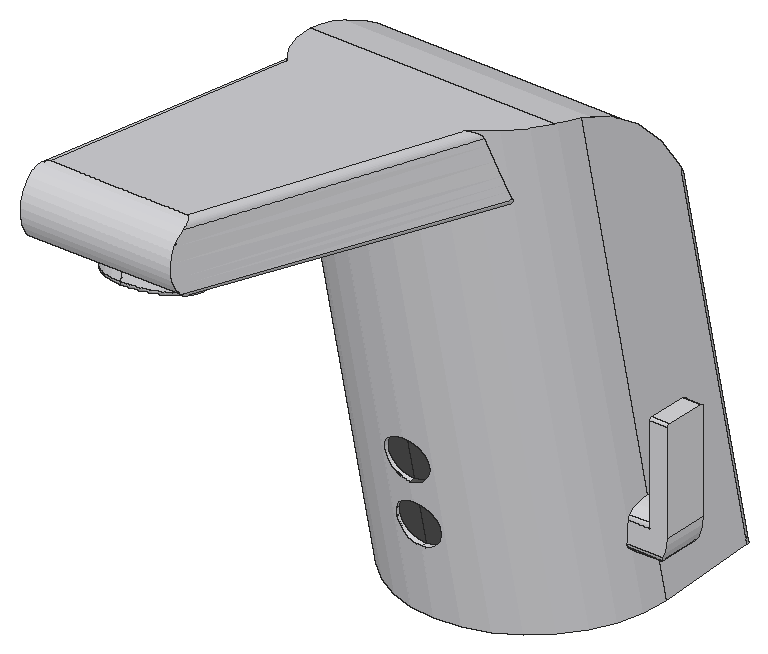
Revit family "Faucet-Lavatory-KOHLER-Contemporary-K-13462T", category Plumbing Fixtures, host Face, Revit 2017
Family settings
  Host = Face
  Round Connector Dimension = Use Diameter
  Part Type = Normal
  OmniClass Number = 23.31.11.00
  OmniClass Title = Faucets
  Cut with Voids When Loaded = No
  Shared = No
  Room Calculation Point = No
Parameters (values of type "CP-Polished Chrome")
  Width = 3 1/128"  # constant formula
  WaterSense Certified = 1 = 0  # no
  Waste Water Outlet = "Waste Water Outlet"  # constant formula
  Waste Connection = 1 = 1  # yes
  Voltage = 220 V  # constant formula
  Vent Connection = 1 = 1  # yes
  URL = "http://www.kohler.com.cn/"
  Type = 1
  Spout Reach = 4 127/128"  # constant formula
  Product Page URL = "https://www.kohler.com.cn/product/K-13462T-CP/K-13462T-CP/"
  Product Name = "Contemporary"  # constant formula
  Product Documentation Link = "https://files.kohler.com.cn/pdfs/k_13460_65t.pdf"
  Pressure = 0.00 psi
  Model = "K-13462T-CP"  # constant formula
  Material = "Brass Costuction"  # constant formula
  Master Format 2014 Name = "Residential Faucets, Supplies, and Trim"  # constant formula
  Master Format 2014 = "22 41 39"  # constant formula
  Manufacturer Address = "Kohler Beijing Office (100016) 36-2-03-B, No. 88, Liuxiang Road, Beijing"  # constant formula
  Manufacturer = "KOHLER Co."  # constant formula
  Length = 7 11/256"  # constant formula
  Hot Water Inlet = "Hot Water Inlet"  # constant formula
  Height = 5 215/256"  # constant formula
  Handle Clearance = 1 39/256"  # constant formula
  HW Connection = 1 = 0  # no
  Flow Rate = 0 GPM
  Finish = Kohler-Plastic-CP-Polished_Chrome
  Environmental Product Declaration = ""
  Electrical Note = "One Dedicated Circuite Requiered"  # constant formula
  Electrical Connector = 1 = 1  # yes
  Drain Included = 1 = 1  # yes
  Description = "Elegant type induction faucet AC (hot and cold mixed type)"  # constant formula
  Default Elevation = 36"
  Declare Label = ""
  Date Modified = "02/26/2120"  # constant formula
  Date Created = "02/26/2120"  # constant formula
  Copyright = "Copyright KOHLER Co."  # constant formula
  Contact Us = "http://www.kohler.com.cn/contact/contact-us/"
  Cold Water Inlet = "Cold Water Inlet"  # constant formula
  CW Connection = 1 = 0  # no
  Assembly Code = "D2010"
  Apparent Load = 0 VA
  ADA Compliant = 1 = 0  # no
Reference planes (in)
  plane 1 "Center (Front/Back)": y = 0
  plane 2: z = 0
  plane 3 "Center (Left/Right)": x = 0
  plane 4: y = 1.28043
  plane 5: x = -1.30095
  plane 6: y = -5.76253
  plane 7: x = 1.70687
  plane 8: x = 1.30095
  plane 9: y = -4.99219
  plane 10: z = 5.83984
  plane 11: z = 4.8124
  plane 12: y = -1.28043
  plane 13: x = -0.49077
  plane 14: x = 0.49077
  plane 15: z = 2.01006
  plane 16: z = 0.85771
Dimensions and locks (in)
  "Width": plane 5 to plane 7
  plane 6 to plane 4 = 7 11/256"
  plane 4 to plane 12 = 2.56087"
  "Height": plane 10 to level
  "Handle Clearance": plane 15 to plane 16
  plane 11 to level = 4.8124"
  plane 16 to level = 0.85771"
  "Length": plane 4 to plane 6
  "Spout Reach": plane 1 "Center (Front/Back)" to plane 9
  aligned and locked: plane 2 to host face
  aligned and locked: level to host face
Automatic sketch dimensions
  host sketch curve to host sketch curve = 96"  (x2)
Nested families (in)
  nested 1: "K-13462T" at (0, 0, 0), type "K-13462T"
Connectors (in)
  piping at (-0.49077, 0, 0), diameter 0.5, driven by "HW Connection", driven by "Hot Water Inlet"
    settings: on nested 1, index 1, connector inside diameter 24", connector length 0", flow factor 0, pipe flow 0 GPM, pressure drop 0.00 psi, fitting loss kfactor 0, connector angle 0.00°, fixture units 0, engagement length 0", angle of deflection 0.00°, flow configuration 0, flow direction 1, fitting loss method 0, system type 19, joint type 0, gender type 0, connector reference index -1, connector utility 0, adjustable connector no, is connector primary yes, connector description "Hot Water Inlet"
  piping at (0.49077, 0, 0), diameter 0.5, driven by "CW Connection", driven by "Cold Water Inlet"
    settings: on nested 1, index 2, connector inside diameter 24", connector length 0", flow factor 0, pipe flow 0 GPM, pressure drop 0.00 psi, fitting loss kfactor 0, connector angle 0.00°, fixture units 0, engagement length 0", angle of deflection 0.00°, flow configuration 0, flow direction 1, fitting loss method 0, system type 20, joint type 0, gender type 0, connector reference index -1, connector utility 0, adjustable connector no, is connector primary no, connector description "Cold Water Inlet"
  electrical at (0.74958, 1.0474, 1.0482), driven by "Voltage", driven by "Electrical Connector", driven by "Electrical Note"
    settings: on nested 1, index 3, voltage 220 V, apparent load 0 VA, apparent load phase1 0 VA, apparent load phase2 0 VA, apparent load phase3 0 VA, power factor 1, load classification "Power", number of poles 1, system type 30, power factor state 1, is connector primary yes, connector utility yes, sub classification motor no, connector description "One Dedicated Circuite Requiered"
Definition of nested family "K-13462T"
  Parameters (values of type "K-13462T")
    Material = none
  Reference planes (in)
    plane 1 "Center (Front/Back)": y = 0
    plane 2: z = 0
    plane 3 "Center (Left/Right)": x = 0
    plane 4: x = 1.70666
    plane 5: z = 5.84174
    plane 6: x = -1.30095
    plane 7: x = 1.30095
    plane 8: y = 1.28043
    plane 9: y = -1.28043
    plane 10: y = -4.99377
    plane 11: z = 4.8124
    plane 12: y = -5.76293
    plane 13: x = -0.49077
    plane 14: x = 0.49077
    plane 15: z = 2.0082
    plane 16: z = 0.85771
  Forms (in)
    Sweep 1, solid, material <- "Material", detail levels medium+fine
      path origin (0, 0, 0) x (0, 1, 0) y (0, 0, 1)
        loop
          line (-0.08661, 6.14909) -> (1.26141, 0.08556) -> (1.28043, 0)
      profile origin (0, 1.27092, 0.04278) x (0, 0.976168, 0.217018) y (1, 0, 0)
        loop
          line (-1.16722, -1.2963) -> (-0.0419, -1.22721)
          arc (-0.0419, -1.22721) -> (-0.01212, -1.21324) -> (0, -1.18266) r 0.04463
          line (0, -1.18266) -> (0, 0) -> (0, 1.18266)
          arc (0, 1.18266) -> (-0.01212, 1.21324) -> (-0.0419, 1.22721) r 0.04463
          line (-0.0419, 1.22721) -> (-1.16722, 1.2963)
          arc (-1.16722, 1.2963) -> (-2.54554, 0) -> (-1.16722, -1.2963) r 1.29874
    SweptBlend 2, solid, material <- "Material", detail levels medium+fine
      path origin (0, 0, 0) x (0, 1, 0) y (0, 0, 1)
        loop
          line (-1.33881, 5.09771) -> (-5.99086, 5.95326)
      profile origin (0, -1.33881, 5.09771) x (0, -0.180876, -0.983506) y (1, 0, 0)
        loop
          line (0, 0.98456) -> (0, -0.98456)
          arc (0, -0.98456) -> (0.02022, -1.03724) -> (0.07051, -1.06286) r 0.07874
          line (0.07051, -1.06286) -> (0.67868, -1.12679)
          arc (0.67868, -1.12679) -> (0.70914, -1.11689) -> (0.72217, -1.08763) r 0.03937
          line (0.72217, -1.08763) -> (0.72217, 0) -> (0.72217, 1.08763)
          arc (0.72217, 1.08763) -> (0.70914, 1.11689) -> (0.67868, 1.12679) r 0.03937
          line (0.67868, 1.12679) -> (0.07051, 1.06286)
          arc (0.07051, 1.06286) -> (0.02022, 1.03724) -> (0, 0.98456) r 0.07874
      end profile origin (0, -5.99086, 5.95326) x (0, -0.180876, -0.983506) y (1, 0, 0)
        loop
          line (0, 0.6858) -> (0, -0.6858)
          arc (0, -0.6858) -> (0.02306, -0.74147) -> (0.07874, -0.76454) r 0.07874
          line (0.07874, -0.76454) -> (0.66062, -0.76454)
          arc (0.66062, -0.76454) -> (0.68846, -0.753) -> (0.69999, -0.72517) r 0.03937
          line (0.69999, -0.72517) -> (0.69999, 0) -> (0.69999, 0.72517)
          arc (0.69999, 0.72517) -> (0.68846, 0.753) -> (0.66062, 0.76454) r 0.03937
          line (0.66062, 0.76454) -> (0.07874, 0.76454)
          arc (0.07874, 0.76454) -> (0.02306, 0.74147) -> (0, 0.6858) r 0.07874
    Extrusion 3, void
      sketch origin (0, 0, 0) x (0, 1, 0) y (0, 0, 1)
        loop
          arc (-1.33881, 5.09771) -> (-0.10545, 4.49064) -> (0.62753, 3.32769) r 2.5266
          line (0.62753, 3.32769) -> (0.89142, 3.32769) -> (0.266, 6.14088) -> (-2.64388, 6.75939) -> (-2.64388, 5.33772) -> (-1.33881, 5.09771)
        loop
          line (1.76251, -0.59055) -> (1.63122, 0) -> (-1.70698, 0) -> (-1.70698, -0.59055) -> (1.76251, -0.59055)
      from -2.34076 to 2.69899
    Extrusion 4, void
      sketch origin (0, 0, 0) x (0, 1, 0) y (0, 0, 1)
        loop
          line (-6.02339, 6.04397) -> (-6.17662, 5.21081) -> (-5.49281, 5.08506) -> (-5.48215, 5.1309)
          arc (-5.48215, 5.1309) -> (-5.76149, 5.55709) -> (-5.3488, 5.85601) r 0.36903
          line (-5.3488, 5.85601) -> (-5.33572, 5.9175) -> (-6.02339, 6.04397)
      from -1.22721 to 1.47761
    Revolve 5, solid, material <- "Material", detail levels medium+fine
      sketch origin (0, 0, 0) x (0, 1, 0) y (0, 0, 1)
        loop
          line (-4.99377, 4.8124) -> (-4.92016, 5.0871) -> (-5.37231, 5.20825) -> (-5.43805, 4.96288)
          arc (-5.43805, 4.96288) -> (-5.43502, 4.93984) -> (-5.41659, 4.92569) r 0.03036
          line (-5.41659, 4.92569) -> (-4.99377, 4.8124)
        axis (-4.92016, 5.0871) -> (-4.99377, 4.8124)
      angle from 0 to 360
    Extrusion 6, solid, material <- "Material", detail levels medium+fine
      sketch origin (0, 0, 0) x (0, 1, 0) y (0, 0, 1)
        loop
          arc (-0.40551, 0.74441) -> (-0.40116, 0.72216) -> (-0.38875, 0.70319) r 0.05906
          arc (-0.38875, 0.70319) -> (-0.17547, 0.61323) -> (0.03781, 0.70319) r 0.29779
          arc (0.03781, 0.70319) -> (0.05022, 0.72216) -> (0.05457, 0.74441) r 0.05906
          line (0.05457, 0.74441) -> (0.05457, 0.97152)
          arc (0.05457, 0.97152) -> (0.05005, 0.99416) -> (0.0372, 1.01335) r 0.05906
          arc (0.0372, 1.01335) -> (-0.17547, 1.10122) -> (-0.38814, 1.01335) r 0.30128
          arc (-0.38814, 1.01335) -> (-0.401, 0.99416) -> (-0.40551, 0.97152) r 0.05906
          line (-0.40551, 0.97152) -> (-0.40551, 0.74441)
      from 0.82678 to 1.70666
    Extrusion 7, solid, material <- "Material", detail levels medium+fine
      sketch origin (0, 0, 0) x (0, 1, 0) y (0, 0, 1)
        loop
          line (0.02706, 2.0082) -> (-0.37865, 2.0082)
          arc (-0.37865, 2.0082) -> (-0.39765, 2.00033) -> (-0.40551, 1.98134) r 0.02686
          line (-0.40551, 1.98134) -> (-0.40551, 0.81248) -> (0.05457, 0.81248) -> (0.05457, 1.98069)
          arc (0.05457, 1.98069) -> (0.04651, 2.00014) -> (0.02706, 2.0082) r 0.02751
      from 1.52256 to 1.70666
    Extrusion 8, void
      sketch origin (0, 0, 0) x (1, 0, 0) y (0, 0, 1)
        loop
          line (1.43514, 0.61323) -> (1.43514, 0.54783) -> (1.77002, 0.54783) -> (1.77002, 0.94153) -> (1.70666, 0.94153)
          arc (1.70666, 0.94153) -> (1.69029, 0.82106) -> (1.64238, 0.70932) r 0.45158
          arc (1.64238, 0.70932) -> (1.54935, 0.63842) -> (1.43514, 0.61323) r 0.27152
      from -0.12493 to 0.55681
    Revolve 9, void
      sketch origin (0, 0, 0) x (0, 1, 0) y (0, 0, 1)
        loop
          line (-1.69821, 1.88824) -> (-1.75117, 1.87601) -> (-1.69863, 1.64842) -> (-1.64567, 1.66064) -> (-1.69821, 1.88824)
        axis (-1.64567, 1.66064) -> (-1.69863, 1.64842)
      angle from 0 to 360
    Revolve 10, void
      sketch origin (0, 0, 0) x (0, 1, 0) y (0, 0, 1)
        loop
          line (-1.49412, 0.98961) -> (-1.72247, 0.93689) -> (-1.66947, 0.70728) -> (-1.44111, 0.76001) -> (-1.49412, 0.98961)
        axis (-1.49412, 0.98961) -> (-1.72247, 0.93689)
      angle from 0 to 360
    Revolve 11, void
      sketch origin (0, 0, 1.0482) x (1, 0, 0) y (0, 1, 0)
        loop
          line (0.54177, 0.70156) -> (0.99613, 1.45774) -> (0.83487, 1.55464) -> (0.38051, 0.79846) -> (0.54177, 0.70156)
        axis (0.99613, 1.45774) -> (0.54177, 0.70156)
      angle from 0 to 360
    Extrusion 12, solid, material <- "Material", detail levels medium+fine
      sketch origin (0, 0, 0) x (1, 0, 0) y (0, 1, 0)
        loop
          circle (-0.49077, 0) r 0.25
        loop
          circle (0.49077, 0) r 0.25
      from 0 to 0.27615
    Extrusion 13, solid, material <- "Material", detail levels coarse
      sketch origin (0, 0, 0) x (0, 1, 0) y (0, 0, 1)
        loop
          line (1.28043, 0) -> (0.43646, 3.79627)
          arc (0.43646, 3.79627) -> (-0.302, 4.65048) -> (-1.33881, 5.09771) r 2.5266
          line (-1.33881, 5.09771) -> (-5.76625, 5.91195) -> (-5.89628, 5.22306) -> (-2.33995, 4.55177) -> (-1.32311, 0) -> (1.28043, 0)
      from -1.33445 to 1.273
    Extrusion 14, solid, material <- "Material", detail levels coarse
      sketch origin (0, 0, 0) x (1, 0, 0) y (0, 0, 1)
        loop
          line (1.70666, 0.94153) -> (1.70666, 2.0082) -> (1.52256, 2.0082) -> (1.52256, 1.10267) -> (1.18633, 1.10267) -> (1.18633, 0.61323) -> (1.43514, 0.61323)
          arc (1.43514, 0.61323) -> (1.54935, 0.63842) -> (1.64238, 0.70932) r 0.27152
          arc (1.64238, 0.70932) -> (1.69029, 0.82106) -> (1.70666, 0.94153) r 0.45158
      from -0.05457 to 0.40551
  Cuts and joins
    Extrusion 3, Revolve 9, Revolve 10, Revolve 11 cuts Sweep 1
    Extrusion 4 cuts SweptBlend 2
    Extrusion 8 cuts Extrusion 6
    Extrusion 8 cuts Extrusion 7
    joined: Sweep 1, SweptBlend 2, Revolve 5, Extrusion 6, Extrusion 7
    joined: Extrusion 13, Extrusion 14
  Lines and regions (in)
    Masking region 1
      outline origin (0, 0, 0) x (0, 1, 0) y (0, 0, 1)
        loop
          line (1.28048, 0) -> (0.51156, 3.4587)
          arc (0.51156, 3.4587) -> (-0.07939, 4.51196) -> (-1.15372, 5.06366) r 2.09391
          line (-1.15372, 5.06366) -> (-5.34913, 5.83524)
          arc (-5.34913, 5.83524) -> (-5.7582, 5.55326) -> (-5.47622, 5.14419) r 0.35132
          line (-5.47622, 5.14419) -> (-5.39354, 5.12899) -> (-5.43805, 4.96288)
          arc (-5.43805, 4.96288) -> (-5.43502, 4.93984) -> (-5.41659, 4.92569) r 0.03036
          line (-5.41659, 4.92569) -> (-4.99377, 4.8124) -> (-4.57095, 4.6991)
          arc (-4.57095, 4.6991) -> (-4.54791, 4.70214) -> (-4.53377, 4.72057) r 0.03036
          line (-4.53377, 4.72057) -> (-4.46985, 4.95911) -> (-2.90633, 4.67157)
          arc (-2.90633, 4.67157) -> (-2.46237, 4.4437) -> (-2.21791, 4.00864) r 0.86583
          line (-2.21791, 4.00864) -> (-1.32311, 0) -> (1.28048, 0)
    Masking region 2
      outline origin (0, 0, 0) x (1, 0, 0) y (0, 0, 1)
        loop
          line (-1.30095, 0) -> (1.30095, 0) -> (1.28659, 0.68125) -> (1.33859, 0.68125) -> (1.33859, 0.65036)
          arc (1.33859, 0.65036) -> (1.34539, 0.63394) -> (1.36181, 0.62714) r 0.02323
          line (1.36181, 0.62714) -> (1.46403, 0.62714)
          arc (1.46403, 0.62714) -> (1.6356, 0.6982) -> (1.70666, 0.86977) r 0.24263
          line (1.70666, 0.86977) -> (1.70666, 1.98329)
          arc (1.70666, 1.98329) -> (1.69937, 2.0009) -> (1.68176, 2.0082) r 0.0249
          line (1.68176, 2.0082) -> (1.54584, 2.0082)
          arc (1.54584, 2.0082) -> (1.52938, 2.00138) -> (1.52256, 1.98492) r 0.02328
          line (1.52256, 1.98492) -> (1.52256, 1.14268)
          arc (1.52256, 1.14268) -> (1.50701, 1.10513) -> (1.46945, 1.08957) r 0.05311
          line (1.46945, 1.08957) -> (1.35953, 1.08957)
          arc (1.35953, 1.08957) -> (1.34472, 1.08344) -> (1.33859, 1.06863) r 0.02094
          line (1.33859, 1.06863) -> (1.33859, 1.03418) -> (1.27915, 1.03418) -> (1.22832, 3.4466)
          arc (1.22832, 3.4466) -> (1.19704, 4.15259) -> (1.13301, 4.85638) r 15.22106
          arc (1.13301, 4.85638) -> (1.10392, 5.00444) -> (1.05157, 5.14596) r 0.94271
          line (1.05157, 5.14596) -> (0.74078, 5.81581)
          arc (0.74078, 5.81581) -> (0.72426, 5.8347) -> (0.70017, 5.84174) r 0.04477
          line (0.70017, 5.84174) -> (0, 5.84174) -> (-0.70017, 5.84174)
          arc (-0.70017, 5.84174) -> (-0.72426, 5.8347) -> (-0.74078, 5.81581) r 0.04477
          line (-0.74078, 5.81581) -> (-1.05157, 5.14596)
          arc (-1.05157, 5.14596) -> (-1.10392, 5.00444) -> (-1.13301, 4.85638) r 0.94271
          arc (-1.13301, 4.85638) -> (-1.19704, 4.15259) -> (-1.22832, 3.4466) r 15.22106
          line (-1.22832, 3.4466) -> (-1.30095, 0)
    Masking region 3
      outline origin (0, 0, 0) x (1, 0, 0) y (0, 1, 0)
        loop
          line (-1.21702, 1.28043) -> (-1.30177, 0.06853) -> (-0.7287, -5.71842)
          arc (-0.7287, -5.71842) -> (-0.71272, -5.75015) -> (-0.67957, -5.76293) r 0.04938
          line (-0.67957, -5.76293) -> (0, -5.76293) -> (0.67957, -5.76293)
          arc (0.67957, -5.76293) -> (0.71272, -5.75015) -> (0.7287, -5.71842) r 0.04938
          line (0.7287, -5.71842) -> (1.26008, -0.35245) -> (1.33859, -0.35245) -> (1.33859, -0.38564)
          arc (1.33859, -0.38564) -> (1.34441, -0.39969) -> (1.35846, -0.40551) r 0.01987
          line (1.35846, -0.40551) -> (1.68298, -0.40551)
          arc (1.68298, -0.40551) -> (1.69972, -0.39858) -> (1.70666, -0.38183) r 0.02368
          line (1.70666, -0.38183) -> (1.70666, 0.03058)
          arc (1.70666, 0.03058) -> (1.69963, 0.04754) -> (1.68267, 0.05457) r 0.02399
          line (1.68267, 0.05457) -> (1.35978, 0.05457)
          arc (1.35978, 0.05457) -> (1.3448, 0.04836) -> (1.33859, 0.03338) r 0.02119
          line (1.33859, 0.03338) -> (1.33859, 0.0023) -> (1.29521, 0.0023) -> (1.30177, 0.06853) -> (1.21702, 1.28043) -> (0, 1.28043) -> (-1.21702, 1.28043)
    symbolic lines, detail levels medium+fine
      curve 1: line (0, -0.02131, 0) -> (0, -0.81619, 3.443)
      curve 2: line (0, -2.90633, 4.67157) -> (0, -1.90959, 4.48826)
      curve 3: arc (0, -1.90959, 4.48826) -> (0, -1.20664, 4.12907) -> (0, -0.81619, 3.443) r 1.37795
      curve 4: line (0, -4.46985, 4.95911) -> (0, -5.39354, 5.12899)
      curve 5: line (1.33859, 0, 1.03418) -> (1.33859, 0, 0.68125)
      curve 6: line (1.33859, 0, 0.70589) -> (1.44158, 0, 0.70589)
      curve 7: line (1.33859, 0, 1.00057) -> (1.44861, 0, 1.00057)
      curve 8: line (1.52256, 0, 1.14268) -> (1.52256, 0, 1.07452)
      curve 9: arc (1.52256, 0, 1.07452) -> (1.5009, 0, 1.02223) -> (1.44861, 0, 1.00057) r 0.07395
      curve 10: arc (1.44158, 0, 0.70589) -> (1.62452, 0, 0.77901) -> (1.70666, 0, 0.95808) r 0.26541
      curve 11: line (1.27915, 0, 1.03418) -> (1.28659, 0, 0.68125)
      curve 12: line (0, 0, 1.87751) -> (0, 0, 1.42145)
      curve 13: line (0, 0, 1.42145) -> (0, 0, 1.87751)
      curve 14: line (0, 0, 1.20798) -> (0, 0, 0.7479)
      curve 15: line (0, 0, 0.7479) -> (0, 0, 1.20798)
      curve 16: line (-0.00021, 0, 1.85783) -> (-0.00021, 0, 1.44113)
      curve 17: line (0, 0, 1.44114) -> (0, 0, 1.85783)
      curve 18: line (0.00021, 0, 0.76759) -> (0.0002, 0, 1.1883)
      curve 19: line (0, 0, 1.18829) -> (0, 0, 0.76759)
      curve 20: line (0.75612, 0, 5.16025) -> (0, 0, 5.16025)
      curve 21: line (0, 0, 5.16025) -> (-0.75612, 0, 5.16025)
      curve 22: line (-0.72426, 0, 5.8347) -> (-0.79611, 0, 5.2538)
      curve 23: line (-0.86393, 0, 5.01768) -> (-1.11966, 0, 4.46926)
      curve 24: arc (-1.11966, 0, 4.46926) -> (-1.16639, 0, 4.34406) -> (-1.19283, 0, 4.21306) r 0.84592
      curve 25: arc (-0.86393, 0, 5.01768) -> (-0.82075, 0, 5.13308) -> (-0.79611, 0, 5.2538) r 0.7874
      curve 26: line (0.72426, 0, 5.8347) -> (0.79611, 0, 5.2538)
      curve 27: line (0.86393, 0, 5.01768) -> (1.11966, 0, 4.46926)
      curve 28: arc (1.11966, 0, 4.46926) -> (1.16639, 0, 4.34406) -> (1.19283, 0, 4.21306) r 0.84592
      curve 29: arc (0.86393, 0, 5.01768) -> (0.82075, 0, 5.13308) -> (0.79611, 0, 5.2538) r 0.7874
      curve 30: arc (-0.75612, 0, 5.16025) -> (-0.78685, 0, 5.17053) -> (-0.80521, 0, 5.19722) r 0.05107
      curve 31: line (0, 0, 5.16025) -> (0.75612, 0, 5.16025)
      curve 32: arc (0.75612, 0, 5.16025) -> (0.78685, 0, 5.17053) -> (0.80521, 0, 5.19722) r 0.05107
      curve 33: line (-0.47537, 0, 4.77974) -> (-0.47537, 0, 5.02577)
      curve 34: line (0.47537, 0, 4.77974) -> (0.47537, 0, 5.02577)
      curve 35: spline (-0.47537, 0, 5.02577) -> (-0.45918, 0, 5.05099) -> (-0.41169, 0, 5.07449) -> (-0.33614, 0, 5.09466) -> (-0.23769, 0, 5.11015) -> (-0.12304, 0, 5.11988) -> (0, 0, 5.1232) -> (0.12304, 0, 5.11988) -> (0.23769, 0, 5.11015) -> (0.33614, 0, 5.09466) -> (0.41169, 0, 5.07449) -> (0.45918, 0, 5.05099) -> (0.47537, 0, 5.02577)
      curve 36: spline (0.47537, 0, 4.77974) -> (0.45918, 0, 4.80232) -> (0.41169, 0, 4.82337) -> (0.33614, 0, 4.84144) -> (0.23769, 0, 4.8553) -> (0.12304, 0, 4.86402) -> (0, 0, 4.86699) -> (-0.12304, 0, 4.86402) -> (-0.23769, 0, 4.8553) -> (-0.33614, 0, 4.84144) -> (-0.41169, 0, 4.82337) -> (-0.45918, 0, 4.80232) -> (-0.47537, 0, 4.77974) -> (-0.45918, 0, 4.75715) -> (-0.41169, 0, 4.73611) -> (-0.33614, 0, 4.71804) -> (-0.23769, 0, 4.70417) -> (-0.12304, 0, 4.69546) -> (0, 0, 4.69248) -> (0.12304, 0, 4.69546) -> (0.23769, 0, 4.70417) -> (0.33614, 0, 4.71804) -> (0.41169, 0, 4.73611) -> (0.45918, 0, 4.75715) -> (0.47537, 0, 4.77974)
      curve 37: spline (0.42538, 0, 4.77974) -> (0.41089, 0, 4.797) -> (0.36839, 0, 4.81309) -> (0.30079, 0, 4.82691) -> (0.21269, 0, 4.83751) -> (0.1101, 0, 4.84417) -> (0, 0, 4.84645) -> (-0.1101, 0, 4.84417) -> (-0.21269, 0, 4.83751) -> (-0.30079, 0, 4.82691) -> (-0.36839, 0, 4.81309) -> (-0.41089, 0, 4.797) -> (-0.42538, 0, 4.77974) -> (-0.41089, 0, 4.76247) -> (-0.36839, 0, 4.74638) -> (-0.30079, 0, 4.73257) -> (-0.21269, 0, 4.72197) -> (-0.1101, 0, 4.7153) -> (0, 0, 4.71303) -> (0.1101, 0, 4.7153) -> (0.21269, 0, 4.72197) -> (0.30079, 0, 4.73257) -> (0.36839, 0, 4.74638) -> (0.41089, 0, 4.76247) -> (0.42538, 0, 4.77974)
      curve 38: line (0, -5.35094, 0) -> (-0.76509, -5.35094, 0)
      curve 39: line (-1.17716, 1.28043, 0) -> (-1.15073, 0.52354, 0)
      curve 40: line (-1.15073, 0.52354, 0) -> (-0.6699, -5.76293, 0)
      curve 41: line (-1.15073, 0.52354, 0) -> (0, 0.52354, 0)
      curve 42: line (-1.07524, -0.46345, 0) -> (0, -0.46345, 0)
      curve 43: spline (0.5227, 1.04405, 0) -> (0.53009, 1.03431, 0) -> (0.55178, 1.02522, 0) -> (0.58629, 1.01743, 0) -> (0.63125, 1.01144, 0) -> (0.68361, 1.00768, 0) -> (0.7398, 1.0064, 0) -> (0.79599, 1.00768, 0) -> (0.84835, 1.01144, 0) -> (0.89331, 1.01743, 0) -> (0.92782, 1.02522, 0) -> (0.9495, 1.03431, 0) -> (0.9569, 1.04405, 0) -> (0.9495, 1.0538, 0) -> (0.92782, 1.06288, 0) -> (0.89331, 1.07068, 0) -> (0.84835, 1.07666, 0) -> (0.79599, 1.08042, 0) -> (0.7398, 1.08171, 0) -> (0.68361, 1.08042, 0) -> (0.63125, 1.07666, 0) -> (0.58629, 1.07068, 0) -> (0.55178, 1.06288, 0) -> (0.53009, 1.0538, 0) -> (0.5227, 1.04405, 0)
      curve 44: line (0, -5.35094, 0) -> (0.76509, -5.35094, 0)
      curve 45: line (1.17716, 1.28043, 0) -> (1.15073, 0.52354, 0)
      curve 46: line (1.15073, 0.52354, 0) -> (0.6699, -5.76293, 0)
      curve 47: line (1.15073, 0.52354, 0) -> (0, 0.52354, 0)
      curve 48: line (1.07524, -0.46345, 0) -> (0, -0.46345, 0)
      curve 49: line (1.29521, 0.0023, 0) -> (1.26008, -0.35245, 0)
      curve 50: line (1.33859, -0.35245, 0) -> (1.33859, 0.0023, 0)
      curve 51: line (1.52256, 0.02688, 0) -> (1.52256, -0.37844, 0)
      curve 52: arc (1.5502, 0.05457, 0) -> (1.53065, 0.04644, 0) -> (1.52256, 0.02688, 0) r 0.02769
      curve 53: arc (1.52256, -0.37844, 0) -> (1.53103, -0.39812, 0) -> (1.55113, -0.40551, 0) r 0.02711
  Dimensions and locks (in)
    aligned and locked: plane 2 to level
